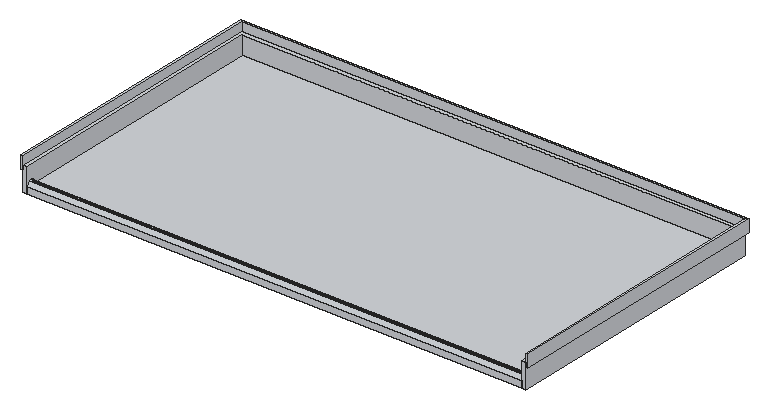
Revit family "Shower_Base-Willoughby AS-S3060ADA-L", category Plumbing Fixtures, Revit 2015
Parameters (values of type "Left Drain")
  Waste Connection = no
  Vent Connection = no
  URL = "https://www.willoughby-ind.com/wp-content/uploads/2018/01/AS-S3060ADA.pdf"
  Revision = "A"
  Model = "AS-S3060ADA-L"
  Manufacturer = "Willoughby Industries"
  Location Drain = 1' - 8 1/4"
  HW Connection = no
  Drain Rear Edge = 0' - 5 3/8"
  Description = "30\" X 60\" Shower Base, Rear Trench, Left Drain"
  Contact number = "(800) 428-4065"
  CW Connection = no
Reference planes (in)
  plane 1 "Center (Front/Back)": y = 0
  plane 2: z = 0
  plane 3 "Center (Left/Right)": x = 0
Forms (in)
  Extrusion 1, solid
    sketch origin (0, 0, 0) x (1, 0, 0) y (0, 1, 0)
      loop
        line (-30.5, 0) -> (-30.5, -18) -> (30.5, -18) -> (30.5, 15.25) -> (-30.5, 15.25) -> (-30.5, 0)
    from 0 to 0.75
  Extrusion 2, solid
    sketch origin (0, 0, 0) x (1, 0, 0) y (0, 1, 0)
      loop
        line (-30.5, -18) -> (-30.5, 15.25) -> (30.5, 15.25) -> (30.5, -18) -> (31, -18) -> (31, 15.75) -> (-31, 15.75) -> (-31, -18) -> (-30.5, -18)
    from 0 to 3
  Extrusion 3, solid
    sketch origin (0, 0, 0) x (1, 0, 0) y (0, 1, 0)
      loop
        line (-31.25, -18) -> (-31, -18) -> (-31, 15.75) -> (31, 15.75) -> (31, -18) -> (31.25, -18) -> (31.25, 16) -> (-31.25, 16) -> (-31.25, -18)
    from 2.5 to 4
  Extrusion 4, solid
    sketch origin (0, 0, 0) x (1, 0, 0) y (0, 1, 0)
      loop
        circle (-11, 10.625) r 1
    from -1.5625 to 0
  Extrusion 5, solid
    sketch origin (0, 0, 0) x (0, 1, 0) y (0, 0, 1)
      loop
        line (-18, 0.75) -> (-16.875, 0.75) -> (-17.18771, 1.27118)
        arc (-17.18771, 1.27118) -> (-17.26968, 1.34416) -> (-17.375, 1.375) r 0.25
        line (-17.375, 1.375) -> (-17.5, 1.375)
        arc (-17.5, 1.375) -> (-17.60532, 1.34416) -> (-17.68729, 1.27118) r 0.25
        line (-17.68729, 1.27118) -> (-18, 0.75)
    from -30.5 to 30.5
Dimensions and locks (in)
  "Location Drain": Extrusion 3 to Extrusion 4 sketch curve
  "Drain Rear Edge": Extrusion 3 to Extrusion 4 sketch curve
  aligned and locked: level to plane 2
  aligned and locked: Extrusion 5 to Extrusion 2
  aligned and locked: Extrusion 2 to Extrusion 1 sketch curve
  aligned and locked: Extrusion 1 sketch curve to Extrusion 2  (x2)
Automatic sketch dimensions
  Extrusion 2 sketch curve to plane 3 "Center (Left/Right)" = 2' - 7"
  Extrusion 2 sketch curve to Extrusion 2 sketch curve = 0' - 0 1/2"  (x3)
  plane 3 "Center (Left/Right)" to Extrusion 2 sketch curve = 2' - 6 1/2"
  plane 1 "Center (Front/Back)" to Extrusion 2 sketch curve = 1' - 6"  (x2)
  Extrusion 2 sketch curve to plane 1 "Center (Front/Back)" = 1' - 3 1/4"
  level to Extrusion 5 sketch curve = 0' - 0 3/4"
  plane 1 "Center (Front/Back)" to Extrusion 5 sketch curve = 1' - 6"
  level to Extrusion 5 sketch curve = 0' - 1.27118"  (x2)
  Extrusion 5 sketch curve to Extrusion 5 sketch curve = 0' - 0.31271"  (x2)
  Extrusion 5 sketch curve to Extrusion 5 sketch curve = 0' - 0.18729"  (x2)
  Extrusion 5 sketch curve to Extrusion 5 sketch curve = 0' - 0.20317"
  Extrusion 5 sketch curve to Extrusion 5 sketch curve = 0' - 0.09324"
  Extrusion 5 sketch curve to Extrusion 5 sketch curve = 0' - 0 1/8"
  Extrusion 5 sketch curve to Extrusion 5 sketch curve = 0' - 0.14568"
  Extrusion 3 sketch curve to plane 3 "Center (Left/Right)" = 2' - 7 1/4"
  Extrusion 3 sketch curve to Extrusion 3 sketch curve = 0' - 0 1/4"  (x3)
  plane 3 "Center (Left/Right)" to Extrusion 3 sketch curve = 2' - 7"
  plane 1 "Center (Front/Back)" to Extrusion 3 sketch curve = 1' - 6"  (x2)
  Extrusion 3 sketch curve to plane 1 "Center (Front/Back)" = 1' - 3 3/4"
  plane 1 "Center (Front/Back)" to Extrusion 1 sketch curve = 0' - 0"
  plane 1 "Center (Front/Back)" to Extrusion 1 sketch curve = 1' - 6"
  radius of Extrusion 4 sketch curve = 0' - 1"
